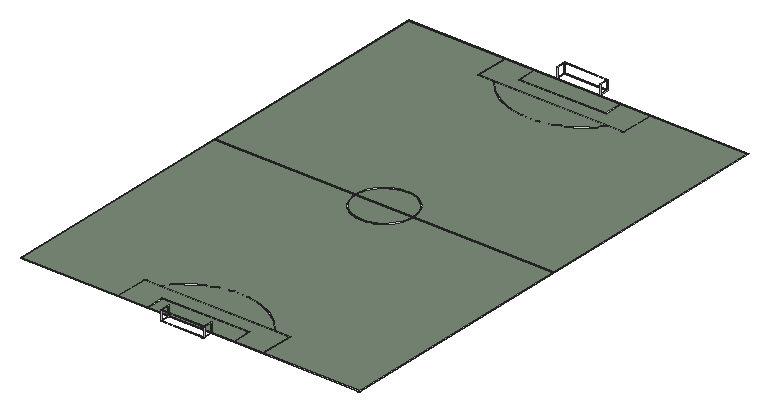
Revit family
Parameters (values of type "100000 x 70000 mm")
  Width = 70000 mm
  Pole Material = Steel
  Markings Finish = Paint
  Length = 100000 mm
  Ground Finish = Grass
Reference planes
  plane 1 "Center (Front/Back)": y = 0
  plane 2: z = 0
  plane 3 "Center (Left/Right)": x = 0
  plane 4: x = -35000
  plane 5: x = 35000
  plane 6: y = 50000
  plane 7: y = -50000
  plane 8: z = 2100
  plane 9: y = 52000
  plane 10: y = -52000
  plane 11: y = 36950
  plane 12: y = -36950
Forms (mm)
  Extrusion 1, solid, material "Grass" <- "Ground Finish"
    sketch origin (0, 0, 0) x (1, 0, 0) y (0, 1, 0)
      loop
        line (-35000, 50000) -> (-35000, -50000) -> (35000, -50000) -> (35000, 50000) -> (-35000, 50000)
    from 0 to 2
  Extrusion 2, solid
    sketch origin (0, 0, 0) x (1, 0, 0) y (0, 1, 0)
      loop
        line (-35000, 50000) -> (-35000, -50000) -> (35000, -50000) -> (35000, 50000) -> (-35000, 50000)
      loop
        line (34900, -49900) -> (34900, 49900) -> (-34900, 49900) -> (-34900, -49900) -> (34900, -49900)
    from 2 to 4
  Extrusion 3, solid, material "Paint" <- "Markings Finish"
    sketch origin (0, 0, 0) x (1, 0, 0) y (0, 1, 0)
      loop
        line (-9000, -45950) -> (-9000, -49900) -> (-8900, -49900) -> (-8900, -46050) -> (8900, -46050) -> (8900, -49900) -> (9000, -49900) -> (9000, -45950) -> (-9000, -45950)
      loop
        line (-9000, 45950) -> (9000, 45950) -> (9000, 49900) -> (8900, 49900) -> (8900, 46050) -> (-8900, 46050) -> (-8900, 49900) -> (-9000, 49900) -> (-9000, 45950)
    from 2 to 4
  Extrusion 4, solid, material "Paint" <- "Markings Finish"
    sketch origin (0, 0, 0) x (1, 0, 0) y (0, 1, 0)
      loop
        line (-34900, 50) -> (-34900, -50) -> (34900, -50) -> (34900, 50) -> (-34900, 50)
    from 2 to 4
  Extrusion 5, solid, material "Paint" <- "Markings Finish"
    sketch origin (0, 0, 0) x (1, 0, 0) y (0, 1, 0)
      loop
        circle (0, 0) r 6000
      loop
        circle (0, 0) r 5900
    from 2 to 4
  Extrusion 6, solid, material "Paint" <- "Markings Finish"
    sketch origin (0, 0, 0) x (1, 0, 0) y (0, 1, 0)
      loop
        line (-15000, -49900) -> (-14900, -49900) -> (-14900, -43050) -> (14900, -43050) -> (14900, -49900) -> (15000, -49900) -> (15000, -42950) -> (-15000, -42950) -> (-15000, -49900)
      loop
        line (-15000, 49900) -> (-15000, 42950) -> (15000, 42950) -> (15000, 49900) -> (14900, 49900) -> (14900, 43050) -> (-14900, 43050) -> (-14900, 49900) -> (-15000, 49900)
    from 2 to 4
  Extrusion 7, solid, material "Steel" <- "Pole Material"
    sketch origin (0, 0, 0) x (1, 0, 0) y (0, 1, 0)
      loop
        line (-4500, 50000) -> (-4400, 50000) -> (-4400, 51900) -> (4400, 51900) -> (4400, 50000) -> (4500, 50000) -> (4500, 52000) -> (-4500, 52000) -> (-4500, 50000)
      loop
        line (-4500, -50000) -> (-4500, -52000) -> (4500, -52000) -> (4500, -50000) -> (4400, -50000) -> (4400, -51900) -> (-4400, -51900) -> (-4400, -50000) -> (-4500, -50000)
    from 0 to 102
  Extrusion 8, solid, material "Steel" <- "Pole Material"
    sketch origin (0, 0, 0) x (1, 0, 0) y (0, 1, 0)
      loop
        line (-4500, 52000) -> (-4500, 50000) -> (-4400, 50000) -> (-4400, 51900) -> (4400, 51900) -> (4400, 50000) -> (4500, 50000) -> (4500, 52000) -> (-4500, 52000)
      loop
        line (-4400, -51900) -> (-4400, -50000) -> (-4500, -50000) -> (-4500, -52000) -> (4500, -52000) -> (4500, -50000) -> (4400, -50000) -> (4400, -51900) -> (-4400, -51900)
    from 2000 to 2100
  Extrusion 9, solid, material "Steel" <- "Pole Material"
    sketch origin (0, 0, 0) x (1, 0, 0) y (0, 1, 0)
      loop
        line (-4500, -50000) -> (-4500, -50100.379) -> (-4400, -50100.379) -> (-4400, -50000) -> (-4500, -50000)
      loop
        line (4400, -50000) -> (4400, -50099.986) -> (4500, -50099.986) -> (4500, -50000) -> (4400, -50000)
      loop
        line (4500, -52000) -> (4500, -51900) -> (4400, -51900) -> (4400, -52000) -> (4500, -52000)
      loop
        line (-4500, -52000) -> (-4400, -52000) -> (-4400, -51900) -> (-4500, -51900) -> (-4500, -52000)
    from 102 to 2000
  Extrusion 10, solid, material "Steel" <- "Pole Material"
    sketch origin (0, 0, 0) x (1, 0, 0) y (0, 1, 0)
      loop
        line (-4400, 51900) -> (-4400, 52000) -> (-4500, 52000) -> (-4500, 51900) -> (-4400, 51900)
      loop
        line (-4400, 50000) -> (-4400, 50099.915) -> (-4500, 50099.915) -> (-4500, 50000) -> (-4400, 50000)
      loop
        line (4500, 50000) -> (4500, 50099.739) -> (4400, 50099.739) -> (4400, 50000) -> (4500, 50000)
      loop
        line (4400, 51900) -> (4500, 51900) -> (4500, 52000) -> (4400, 52000) -> (4400, 51900)
    from 102 to 2000
  Extrusion 11, solid, material "Paint" <- "Markings Finish"
    sketch origin (0, 0, 0) x (1, 0, 0) y (0, 1, 0)
      loop
        arc (-11900, 42950) -> (0, 36950) -> (11900, 42950) r 14800.833
        line (11900, 42950) -> (11775.391, 42950)
        arc (11775.391, 42950) -> (0, 37050) -> (-11775.391, 42950) r 14700.833
        line (-11775.391, 42950) -> (-11900, 42950)
    from 2 to 4
  Extrusion 12, solid, material "Paint" <- "Markings Finish"
    sketch origin (0, 0, 0) x (1, 0, 0) y (0, 1, 0)
      loop
        line (-11900, -42950) -> (-11775.391, -42950)
        arc (-11775.391, -42950) -> (0, -37050) -> (11775.391, -42950) r 14700.833
        line (11775.391, -42950) -> (11900, -42950)
        arc (11900, -42950) -> (0, -36950) -> (-11900, -42950) r 14800.833
    from 2 to 4
Lines and regions (mm)
  symbolic lines
    curve 1: line (-34900, 49900, 0) -> (34900, 49900, 0)
    curve 2: line (35000, 50000, 0) -> (-35000, 50000, 0)
    curve 3: line (-34900, -49900, 0) -> (-34900, 49900, 0)
    curve 4: line (-35000, 50000, 0) -> (-35000, -50000, 0)
    curve 5: line (-4400, 50000, 0) -> (-4400, 51900, 0)
    curve 6: line (-4500, 52000, 0) -> (-4500, 50000, 0)
    curve 7: line (-4400, 51900, 0) -> (4400, 51900, 0)
    curve 8: line (4500, 52000, 0) -> (-4500, 52000, 0)
    curve 9: line (4400, 51900, 0) -> (4400, 50000, 0)
    curve 10: line (4500, 50000, 0) -> (4500, 52000, 0)
    curve 11: line (8900, 46050, 0) -> (-8900, 46050, 0)
    curve 12: line (-9000, 45950, 0) -> (9000, 45950, 0)
    curve 13: line (8900, 49900, 0) -> (8900, 46050, 0)
    curve 14: line (9000, 45950, 0) -> (9000, 49900, 0)
    curve 15: line (-8900, 46050, 0) -> (-8900, 49900, 0)
    curve 16: line (-9000, 49900, 0) -> (-9000, 45950, 0)
    curve 17: line (-14900, 43050, 0) -> (-14900, 49900, 0)
    curve 18: line (-15000, 49900, 0) -> (-15000, 42950, 0)
    curve 19: line (14900, 43050, 0) -> (-14900, 43050, 0)
    curve 20: line (-15000, 42950, 0) -> (15000, 42950, 0)
    curve 21: line (15000, 42950, 0) -> (15000, 49900, 0)
    curve 22: line (14900, 49900, 0) -> (14900, 43050, 0)
    curve 23: arc (-11900, 42950, 0) -> (0, 36950, 0) -> (11900, 42950, 0) r 14800.833
    curve 24: arc (11775.391, 42950, 0) -> (0, 37050, 0) -> (-11775.391, 42950, 0) r 14700.833
    curve 25: line (34900, 49900, 0) -> (34900, -49900, 0)
    curve 26: line (35000, -50000, 0) -> (35000, 50000, 0)
    curve 27: arc (0, -5900, 0) -> (-5900, 0, 0) -> (0, 5900, 0) r 5900
    curve 28: arc (0, 6000, 0) -> (-6000, 0, 0) -> (0, -6000, 0) r 6000
    curve 29: arc (0, -6000, 0) -> (6000, 0, 0) -> (0, 6000, 0) r 6000
    curve 30: arc (0, 5900, 0) -> (5900, 0, 0) -> (0, -5900, 0) r 5900
    curve 31: line (34900, 50, 0) -> (-34900, 50, 0)
    curve 32: line (-34900, -50, 0) -> (34900, -50, 0)
    curve 33: line (-14900, -49900, 0) -> (-14900, -43050, 0)
    curve 34: line (-15000, -42950, 0) -> (-15000, -49900, 0)
    curve 35: line (-14900, -43050, 0) -> (14900, -43050, 0)
    curve 36: line (15000, -42950, 0) -> (-15000, -42950, 0)
    curve 37: arc (11900, -42950, 0) -> (0, -36950, 0) -> (-11900, -42950, 0) r 14800.833
    curve 38: arc (-11775.391, -42950, 0) -> (0, -37050, 0) -> (11775.391, -42950, 0) r 14700.833
    curve 39: line (-8900, -49900, 0) -> (-8900, -46050, 0)
    curve 40: line (-9000, -45950, 0) -> (-9000, -49900, 0)
    curve 41: line (9000, -45950, 0) -> (-9000, -45950, 0)
    curve 42: line (-8900, -46050, 0) -> (8900, -46050, 0)
    curve 43: line (34900, -49900, 0) -> (-34900, -49900, 0)
    curve 44: line (-35000, -50000, 0) -> (35000, -50000, 0)
    curve 45: line (-4400, -51900, 0) -> (-4400, -50000, 0)
    curve 46: line (-4500, -50000, 0) -> (-4500, -52000, 0)
    curve 47: line (4400, -51900, 0) -> (-4400, -51900, 0)
    curve 48: line (-4500, -52000, 0) -> (4500, -52000, 0)
    curve 49: line (4400, -50000, 0) -> (4400, -51900, 0)
    curve 50: line (4500, -52000, 0) -> (4500, -50000, 0)
    curve 51: line (8900, -46050, 0) -> (8900, -49900, 0)
    curve 52: line (9000, -49900, 0) -> (9000, -45950, 0)
    curve 53: line (14900, -43050, 0) -> (14900, -49900, 0)
    curve 54: line (15000, -49900, 0) -> (15000, -42950, 0)
Dimensions and locks
  equal spacing: plane 4, plane 3 "Center (Left/Right)", plane 5
  "Width": plane 4 to plane 5
  equal spacing: plane 7, plane 1 "Center (Front/Back)", plane 6
  "Length": plane 7 to plane 6
  locked: plane 6 to plane 9 at 2000
  locked: plane 10 to plane 7 at 2000
  locked: plane 11 to plane 6 at 13050
  locked: plane 7 to plane 12 at 13050
  locked: level to plane 8 at 2100
  aligned and locked: plane 4 to Extrusion 1 sketch curve
  aligned and locked: plane 6 to Extrusion 1 sketch curve
  aligned and locked: plane 7 to Extrusion 1 sketch curve
  aligned and locked: Extrusion 1 sketch curve to plane 5
  aligned and locked: Extrusion 2 sketch curve to Extrusion 1  (x3)
  aligned and locked: Extrusion 1 to Extrusion 2 sketch curve
  aligned and locked: plane 3 "Center (Left/Right)" to Extrusion 5 sketch curve  (x2)
  aligned and locked: plane 6 to Extrusion 7 sketch curve
  aligned and locked: Extrusion 8 sketch curve to Extrusion 7  (x16)
  aligned and locked: Extrusion 8 to plane 8
  aligned and locked: Extrusion 7 to level
  aligned and locked: plane 9 to Extrusion 7
  aligned and locked: plane 10 to Extrusion 7
  aligned and locked: Extrusion 9 sketch curve to Extrusion 7  (x11)
  aligned and locked: Extrusion 7 to Extrusion 9 sketch curve  (x2)
  aligned and locked: Extrusion 9 to Extrusion 7
  aligned and locked: Extrusion 7 to Extrusion 10 sketch curve  (x4)
  aligned and locked: Extrusion 10 sketch curve to Extrusion 7  (x8)
  aligned and locked: Extrusion 6 to Extrusion 11 sketch curve
  aligned and locked: Extrusion 11 sketch curve to Extrusion 6
  aligned and locked: Extrusion 12 sketch curve to Extrusion 6
  aligned and locked: Extrusion 6 to Extrusion 12 sketch curve
Automatic sketch dimensions
  Extrusion 5 sketch curve to plane 1 "Center (Front/Back)" = 0 mm  (x2)
  plane 1 "Center (Front/Back)" to Extrusion 5 sketch curve = 5900 mm
  Extrusion 5 sketch curve to Extrusion 5 sketch curve = 100 mm
  plane 4 to Extrusion 2 sketch curve = 100 mm
  Extrusion 2 sketch curve to plane 5 = 100 mm
  Extrusion 2 sketch curve to plane 7 = 100 mm
  plane 6 to Extrusion 2 sketch curve = 100 mm
  plane 1 "Center (Front/Back)" to Extrusion 4 sketch curve = 50 mm
  plane 4 to Extrusion 4 sketch curve = 100 mm
  Extrusion 4 sketch curve to plane 5 = 100 mm
  Extrusion 4 sketch curve to plane 1 "Center (Front/Back)" = 50 mm
  Extrusion 6 sketch curve to plane 7 = 100 mm  (x2)
  Extrusion 6 sketch curve to plane 3 "Center (Left/Right)" = 15000 mm  (x2)
  Extrusion 6 sketch curve to Extrusion 6 sketch curve = 100 mm  (x6)
  plane 3 "Center (Left/Right)" to Extrusion 6 sketch curve = 14900 mm  (x2)
  Extrusion 6 sketch curve to Extrusion 6 sketch curve = 6850 mm
  plane 6 to Extrusion 6 sketch curve = 100 mm  (x2)
  Extrusion 6 sketch curve to Extrusion 6 sketch curve = 6950 mm
  Extrusion 3 sketch curve to plane 7 = 4050 mm
  Extrusion 3 sketch curve to plane 3 "Center (Left/Right)" = 9000 mm  (x2)
  Extrusion 3 sketch curve to Extrusion 3 sketch curve = 100 mm  (x6)
  Extrusion 3 sketch curve to plane 7 = 100 mm  (x2)
  plane 3 "Center (Left/Right)" to Extrusion 3 sketch curve = 8900 mm  (x2)
  plane 6 to Extrusion 3 sketch curve = 4050 mm
  plane 6 to Extrusion 3 sketch curve = 100 mm  (x2)
  Extrusion 7 sketch curve to plane 6 = 0 mm
  Extrusion 7 sketch curve to plane 6 = 2000 mm
  Extrusion 7 sketch curve to plane 3 "Center (Left/Right)" = 4500 mm  (x2)
  Extrusion 7 sketch curve to Extrusion 7 sketch curve = 100 mm  (x6)
  plane 3 "Center (Left/Right)" to Extrusion 7 sketch curve = 4400 mm  (x2)
  Extrusion 7 sketch curve to plane 7 = 0 mm  (x2)
  Extrusion 7 sketch curve to Extrusion 7 sketch curve = 1900 mm
  Extrusion 9 sketch curve to plane 10 = 0 mm
  Extrusion 9 sketch curve to Extrusion 9 sketch curve = 100.379 mm
  Extrusion 9 sketch curve to Extrusion 9 sketch curve = 99.986 mm
  Extrusion 10 sketch curve to plane 6 = 0 mm
  Extrusion 10 sketch curve to Extrusion 10 sketch curve = 100 mm
  Extrusion 10 sketch curve to Extrusion 10 sketch curve = 99.739 mm
  Extrusion 10 sketch curve to Extrusion 10 sketch curve = 99.915 mm
  Extrusion 11 sketch curve to plane 3 "Center (Left/Right)" = 0 mm  (x2)
  plane 3 "Center (Left/Right)" to Extrusion 11 sketch curve = 11775.391 mm
  Extrusion 11 sketch curve to Extrusion 11 sketch curve = 124.609 mm
  Extrusion 11 sketch curve to Extrusion 11 sketch curve = 0 mm
  Extrusion 11 sketch curve to plane 9 = 249.167 mm
  Extrusion 12 sketch curve to plane 3 "Center (Left/Right)" = 0 mm  (x2)
  plane 3 "Center (Left/Right)" to Extrusion 12 sketch curve = 11775.391 mm
  Extrusion 12 sketch curve to Extrusion 12 sketch curve = 124.609 mm
  Extrusion 12 sketch curve to Extrusion 12 sketch curve = 0 mm
  Extrusion 12 sketch curve to plane 10 = 249.167 mm
  curve 44 to plane 4 = 0 mm
  curve 6 to plane 6 = 0 mm
  curve 8 to plane 9 = 0 mm
  curve 46 to plane 7 = 0 mm
  curve 46 to plane 10 = 0 mm
  curve 23 to plane 3 "Center (Left/Right)" = 0 mm
  curve 24 to plane 3 "Center (Left/Right)" = 0 mm
  curve 28 to plane 3 "Center (Left/Right)" = 0 mm
  curve 30 to plane 3 "Center (Left/Right)" = 0 mm
  curve 38 to plane 3 "Center (Left/Right)" = 0 mm
  curve 37 to plane 3 "Center (Left/Right)" = 0 mm
  curve 44 to plane 5 = 0 mm
  curve 30 to plane 1 "Center (Front/Back)" = 0 mm
  curve 28 to plane 1 "Center (Front/Back)" = 0 mm
  plane 4 to curve 3 = 100 mm
  curve 34 to plane 7 = 100 mm
  curve 34 to plane 3 "Center (Left/Right)" = 15000 mm
  plane 6 to curve 18 = 100 mm
  curve 18 to plane 3 "Center (Left/Right)" = 15000 mm
  curve 34 to curve 33 = 100 mm
  curve 18 to curve 17 = 100 mm
  curve 17 to curve 23 = 3000 mm
  curve 33 to curve 37 = 3000 mm
  curve 23 to curve 24 = 124.609 mm
  curve 37 to curve 38 = 124.609 mm
  curve 38 to curve 40 = 2775.391 mm
  curve 24 to curve 12 = 2775.391 mm
  curve 12 to curve 15 = 100 mm
  curve 40 to curve 39 = 100 mm
  curve 15 to curve 6 = 4400 mm
  curve 39 to curve 46 = 4400 mm
  curve 46 to curve 45 = 100 mm
  curve 6 to curve 7 = 100 mm
  curve 49 to plane 10 = 100 mm
  plane 3 "Center (Left/Right)" to curve 49 = 4400 mm
  plane 3 "Center (Left/Right)" to curve 9 = 4400 mm
  curve 47 to curve 48 = 100 mm
  curve 7 to curve 8 = 100 mm
  curve 51 to curve 38 = 2875.391 mm
  curve 11 to curve 24 = 2875.391 mm
  curve 13 to curve 14 = 100 mm
  curve 51 to curve 52 = 100 mm
  curve 23 to curve 19 = 3000 mm
  curve 52 to curve 53 = 5900 mm
  curve 53 to curve 54 = 100 mm
  curve 19 to curve 21 = 100 mm
  curve 25 to plane 5 = 100 mm
  curve 38 to plane 10 = 249.167 mm
  curve 37 to curve 38 = 0 mm
  curve 51 to curve 51 = 3850 mm
  curve 39 to curve 41 = 100 mm
  plane 12 to curve 53 = 6100 mm
  curve 35 to curve 36 = 100 mm
  plane 1 "Center (Front/Back)" to curve 28 = 6000 mm
  curve 28 to curve 27 = 100 mm
  plane 1 "Center (Front/Back)" to curve 32 = 50 mm
  curve 31 to plane 1 "Center (Front/Back)" = 50 mm
  plane 11 to curve 20 = 6000 mm
  curve 18 to curve 19 = 100 mm
  curve 12 to curve 16 = 3950 mm
  curve 12 to curve 11 = 100 mm
  curve 23 to plane 9 = 249.167 mm
  curve 24 to curve 23 = 0 mm
  curve 5 to plane 9 = 100 mm
